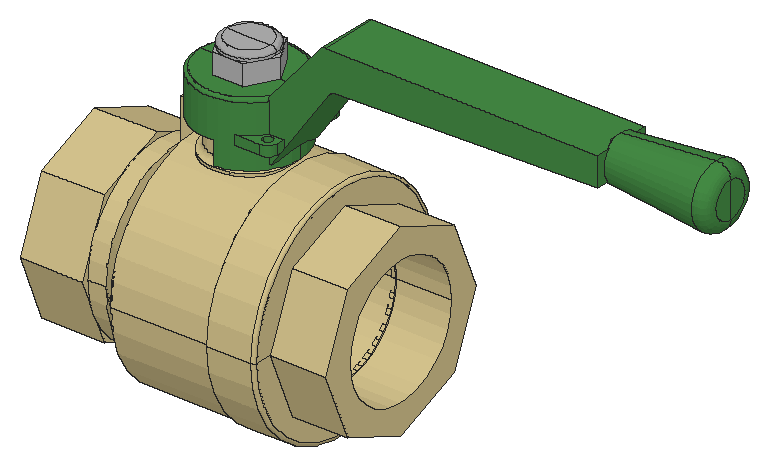
Revit family "QA02550000", category Apparecchi idraulici, Revit 2016
Family settings
  Tipo di parte = Normale
  Quota connettore circolare = Usa diametro
  Numero OmniClass = 23.45.00.00
  Titolo OmniClass = Sanitary, Laundry, and Cleaning Equipment
  Basato su piano di lavoro = No
  Sempre verticale = Sì
  Taglio con vuoti quando caricato = No
  Condiviso = No
  Punto di calcolo locali = No
Parameters
  URL = "https://web.cimberio.it/index.php/figura/1472?subcategoria_id=102"
  Produttore = "CIMBERIO SPA"
  Modello = "Cim 16CRNL"
  DN Model [instance] = QA02551040 : QA02551040
  DN [instance] = 40 mm
Reference planes
  plane 1 "Centro (Fronte/Retro)": y = 0
  plane 2: z = 0
  plane 3 "Centro (Sinistra/Destra)": x = 0
Dimensions and locks
  aligned and locked: level to plane 2
Nested families
  nested 1: "QA02551040" at (0, 0, 0), type <- "DN Model", type "QA02551040"
  nested 2: "QA02551040" at (0, 0, 0), type <- "DN Model", type "QA02551040"
  nested 3: "QA02551040" at (0, 0, 0), type <- "DN Model", type "QA02551040"
  nested 4: "QA02551040" at (0, 0, 0), type <- "DN Model", type "QA02551040"
  nested 5: "QA02551040" at (0, 0, 0), type <- "DN Model", type "QA02551040"
  nested 6: "QA02551040" at (0, 0, 0), type <- "DN Model", type "QA02551040"
Connectors
  piping at (47.25, 0, 0), diameter 40, driven by "DN"
    settings: on nested 1, index 1, connector inside diameter 609.6 mm, connector length 0 mm, flow factor 0, pipe flow 0.0 L/s, pressure drop 0.0 Pa, fitting loss kfactor 0, connector angle 0.00°, fixture units 0, engagement length 0 mm, angle of deflection 0.00°, flow configuration 0, flow direction 0, fitting loss method 0, system type 7, joint type 0, gender type 0, connector reference index -1, connector utility 0, adjustable connector no, is connector primary yes, connector description ""
  piping at (-48, 0, 0), diameter 40, driven by "DN"
    settings: on nested 1, index 2, connector inside diameter 609.6 mm, connector length 0 mm, flow factor 0, pipe flow 0.0 L/s, pressure drop 0.0 Pa, fitting loss kfactor 0, connector angle 0.00°, fixture units 0, engagement length 0 mm, angle of deflection 0.00°, flow configuration 0, flow direction 0, fitting loss method 0, system type 7, joint type 0, gender type 0, connector reference index -1, connector utility 0, adjustable connector no, is connector primary no, connector description ""
Definition of nested family "QA02551040"
  Reference planes
    plane 1 "Centro (Fronte/Retro)": y = 0
    plane 2: z = 0
    plane 3 "Centro (Sinistra/Destra)": x = 0
  Forms (mm)
    Revolve 1, solid
      sketch origin (0, 0, 0) x (1, 0, 0) y (0, 1, 0)
        loop
          line (-28.5, 20) -> (29.75, 20) -> (29.75, 34.25)
          arc (29.75, 34.25) -> (29.452, 34.952) -> (28.75, 35.25) r 1.019
          line (28.75, 35.25) -> (15.25, 35.5) -> (14.55, 34.8) -> (-15.45, 34.8) -> (-22.75, 27.5) -> (-28.5, 27.5) -> (-28.5, 20)
        axis (-28.5, 0) -> (29.75, 0)
      angle from 0 to 360
    Extrusion 2, solid
      sketch origin (0, 0, 0) x (0, 1, 0) y (0, 0, 1)
        loop
          circle (0, 0) r 20
        loop
          line (0, 29.2) -> (-20.648, 20.648) -> (-29.2, 0) -> (-20.648, -20.648) -> (0, -29.2) -> (20.648, -20.648) -> (29.2, 0) -> (20.648, 20.648) -> (0, 29.2)
      from -48 to -28.5
    Extrusion 3, solid
      sketch origin (0, 0, 0) x (0, 1, 0) y (0, 0, -1)
        loop
          circle (0, 0) r 20
        loop
          line (0, -29.2) -> (20.648, -20.648) -> (29.2, 0) -> (20.648, 20.648) -> (0, 29.2) -> (-20.648, 20.648) -> (-29.2, 0) -> (-20.648, -20.648) -> (0, -29.2)
      from -47.25 to -28.5
    Revolve 4, solid
      sketch origin (0, 0, 0) x (1, 0, 0) y (0, 0, 1)
        loop
          line (0, 43) -> (-11.388, 43) -> (-11.388, 36.752)
          arc (-11.388, 36.752) -> (-11.882, 35.448) -> (-13.116, 34.798) r 1.968
          line (-13.116, 34.798) -> (-13.116, 33.956) -> (0, 33.956) -> (0, 43)
        axis (0, 43) -> (0, 33.956)
      angle from 0 to 360
    Extrusion 5, solid
      sketch origin (0, 0, 0) x (1, 0, 0) y (0, 0, 1)
        loop
          line (-20, 43) -> (-20, 28.69) -> (-10, 28.69) -> (-10, 43) -> (-20, 43)
      from -1.6 to 1.6
    Revolve 6, solid
      sketch origin (0, 0, 0) x (1, 0, 0) y (0, 0, 1)
        loop
          line (-10, 46.725) -> (-10, 40.689) -> (0, 40.689) -> (0, 46.725) -> (-10, 46.725)
        axis (0, 46.725) -> (0, 40.689)
      angle from 0 to 360
    Revolve 7, solid
      sketch origin (0, 0, 0) x (1, 0, 0) y (0, 0, 1)
        loop
          arc (-15, 57.3) -> (-15.708, 57.006) -> (-16, 56.298) r 1
          line (-16, 56.298) -> (-16, 37.3) -> (0, 37.3) -> (0, 57.3) -> (-15, 57.3)
        axis (0, 37.3) -> (0, 57.3)
      angle from 0 to 360
    Extrusion 8, void
      sketch origin (0, 0, 0) x (1, 0, 0) y (0, 1, 0)
        loop
          arc (-16.194, 4.071) -> (-12.66, -10.887) -> (1.6, -16.621) r 16.698
          line (1.6, -16.621) -> (1.6, -9.871)
          arc (1.6, -9.871) -> (-7.924, -6.1) -> (-9.134, 4.071) r 10
          line (-9.134, 4.071) -> (-16.194, 4.071)
      from 35.754 to 44.488
    Extrusion 9, solid
      sketch origin (0, 0, 0) x (1, 0, 0) y (0, 1, 0)
        loop
          arc (6.764, 14.5) -> (10.368, 12.187) -> (13.229, 9) r 16
          line (13.229, 9) -> (18, 9) -> (18, 11.5)
          arc (18, 11.5) -> (17.121, 13.622) -> (14.998, 14.5) r 3
          line (14.998, 14.5) -> (6.764, 14.5)
        loop
          circle (15, 11.5) r 1.5
        loop
          line (6.764, -14.5) -> (14.998, -14.5)
          arc (14.998, -14.5) -> (17.121, -13.622) -> (18, -11.5) r 3
          line (18, -11.5) -> (18, -9) -> (13.229, -9)
          arc (13.229, -9) -> (10.368, -12.187) -> (6.764, -14.5) r 16
        loop
          circle (15, -11.5) r 1.5
      from 44.3 to 47.3
    Extrusion 10, solid
      sketch origin (0, 0, 0) x (1, 0, 0) y (0, 0, 1)
        loop
          line (13.229, 57.264) -> (13.229, 38.815) -> (14.18, 38.815) -> (32.371, 64.933)
          arc (32.371, 64.933) -> (33.094, 65.579) -> (34.031, 65.832) r 2.1
          line (34.031, 65.832) -> (116, 68.307) -> (116, 77.3) -> (31.023, 77.3)
          arc (31.023, 77.3) -> (30.135, 77.105) -> (29.413, 76.552) r 2.1
          line (29.413, 76.552) -> (13.229, 57.264)
      from -9 to 9
    Revolve 11, solid
      sketch origin (0, 0, 0) x (1, 0, 0) y (0, 0, 1)
        loop
          line (116, 79.8) -> (113.5, 77.3) -> (113.5, 72.803) -> (150, 72.803) -> (150, 78.414)
          arc (150, 78.414) -> (148.702, 81.364) -> (145.651, 82.399) r 4
          line (145.651, 82.399) -> (116, 79.8)
        axis (113.5, 72.803) -> (150, 72.803)
      angle from 0 to 360
    Extrusion 12, solid
      sketch origin (0, 0, 0) x (1, 0, 0) y (0, 1, 0)
        loop
          line (-9.601, 0.176) -> (-4.649, -8.403) -> (4.851, -8.403) -> (9.703, 0) -> (4.851, 8.403) -> (-4.851, 8.403) -> (-9.601, 0.176)
      from 57.3 to 63.5
    Revolve 13, solid
      sketch origin (0, 0, 0) x (1, 0, 0) y (0, 0, 1)
        loop
          arc (-6.75, 65.8) -> (-7.811, 65.361) -> (-8.25, 64.3) r 1.5
          line (-8.25, 64.3) -> (-8.25, 63.5) -> (0, 63.5) -> (0, 65.8) -> (-6.75, 65.8)
        axis (0, 65.8) -> (0, 63.5)
      angle from 0 to 360
  Cuts and joins
    Extrusion 8 cuts Revolve 7
  Dimensions and locks
    aligned and locked: level to plane 2
